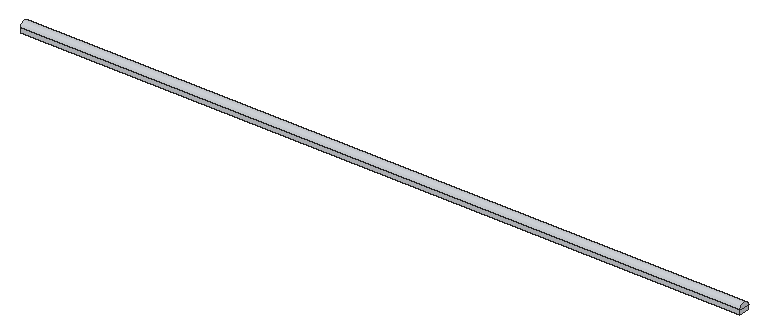
Revit family "SUBACUATICA_SLNSA.RGB", category Luminarias, Revit 2019
Family settings
  Cota de conector redondo = Diámetro de uso
  Tipo de pieza = Normal
  Se basa en plano de trabajo = Sí
  Siempre vertical = No
  Corte con vacíos al cargar = No
  Origen de luz = Sí
  Compartido = No
  Punto de cálculo de habitación = No
Parameters (values of type "SUBACUATICA_SLNSA.RGB")
  Zone [instance] = ""
  Watt per fixture [instance] = (Longitud / 1000 mm) * (5)  # 5
  Wattage = 5 W
  built-in parameter 1150107 = 2700 (stored number, unit not read)
  Light Source Symbol Size = 609.6 mm
  built-in parameter 1150110 = 1 (stored number, unit not read)
  built-in parameter 1150109 = 1 (stored number, unit not read)
  built-in parameter 1150112 = 1 (stored number, unit not read)
  built-in parameter 1150113 = 1 (stored number, unit not read)
  built-in parameter 1114218 = 1 (stored number, unit not read)
  built-in parameter 1150137 = (empty or 0)
  built-in parameter 1150132 = (empty or 0)
  Modelo Lampara = ""
  Modelo = "SLNSA.RGB"
  Marca = "BRILLANT"
  Lámpara = "3838 SMD"
  Longitud de línea de emisión = 600 mm
  Longitud [instance] = 1000 mm
  built-in parameter 1150105 = 151.2 (stored number, unit not read)
  built-in parameter 1150102 = (empty or 0)
  built-in parameter 1150106 = 1.512 (stored number, unit not read)
  Lumens = 475 lm
  Color Filter = 16777215
  built-in parameter 1114217 = 1 (stored number, unit not read)
  built-in parameter 1150139 = (empty or 0)
  Fabricante = "BRILLANT"
  Default Elevation = 0 mm
  built-in parameter 1150104 = 8.8258 (stored number, unit not read)
  Descripción = "TIRA LED SUBACUATICA HECHA DE SILICON CON UNA POTENCIA DE 5W/M, USO PARA EXTERIORES O ALBERCAS IP68, IRC 80, TEMPERATURA EN RGB, 144 LED´S/M, PRESENTACION DE 15M Y LOS CORTES DEBEN DE SER SOLICITADOS DESDE ORIGEN PARA GARANTIZAR EL SELLADO (DESDE 2.5CM), PROFUNDAID MAXIMA DE 2M, RESISTENTE A SOLUCIONES SALINAS, A CLORO, FUEGO Y RAYOS UV. ALIMENTADO A 24V, REQUIERE ACCESORIOS."
  built-in parameter 1150115 = 1 (stored number, unit not read)
  built-in parameter 1150114 = 1 (stored number, unit not read)
  Costo USD_SLNSA [instance] = (Longitud / 1000 mm) * (43)  # 43
  Comentarios de vataje = "24V"
  built-in parameter 1150138 = (empty or 0)
  built-in parameter 1150134 = (empty or 0)
  Circuit [instance] = ""
  Dimming Lamp Color Temperature Shift = (empty or 0)
  built-in parameter 1150133 = 10 (stored number, unit not read)
Reference planes
  plane 1 "Centro (Frontal/Posterior)": y = 0
  plane 2: z = 0
  plane 3 "Centro (Izquierda/Derecha)": x = 0
  plane 4 "IZQ": x = -1000
  plane 5: z = 12
Forms (mm)
  Extrusion 1, solid
    sketch origin (0, 0, 0) x (1, 0, 0) y (0, 1, 0)
      loop
        line (-1000, 7.5) -> (-1000, -7.5) -> (0, -7.5) -> (0, 7.5) -> (-1000, 7.5)
    from 0 to 6.038
  Extrusion 2, solid
    sketch origin (0, 0, 0) x (0, 1, 0) y (0, 0, 1)
      loop
        line (-7.5, 6.038) -> (7.5, 6.038)
        arc (7.5, 6.038) -> (0, 12) -> (-7.5, 6.038) r 7.698
    from -1000 to 0
Dimensions and locks
  plane 5 to imposter light = 12 mm
  "Longitud": plane 4 "IZQ" to plane 3 "Centro (Izquierda/Derecha)"
  aligned and locked: level to plane 2
  aligned and locked: plane 4 "IZQ" to Extrusion 1
  aligned and locked: Extrusion 2 to Extrusion 1  (x2)
  aligned and locked: plane 3 "Centro (Izquierda/Derecha)" to Extrusion 1
Automatic sketch dimensions
  Extrusion 1 sketch curve to plane 4 "IZQ" = 0 mm
  Extrusion 1 sketch curve to plane 3 "Centro (Izquierda/Derecha)" = 0 mm
  plane 1 "Centro (Frontal/Posterior)" to Extrusion 1 sketch curve = 7.5 mm
  Extrusion 1 sketch curve to plane 1 "Centro (Frontal/Posterior)" = 7.5 mm
  Extrusion 2 sketch curve to plane 1 "Centro (Frontal/Posterior)" = 0 mm
  plane 1 "Centro (Frontal/Posterior)" to Extrusion 2 sketch curve = 7.5 mm
  level to Extrusion 2 sketch curve = 4.302 mm
  Extrusion 2 sketch curve to plane 5 = 5.962 mm
Connectors
  electrical at (0, 0, 3.019)
    settings: on Extrusion 1, index 1, voltage 24 V, apparent load 0 VA, apparent load phase1 0 VA, apparent load phase2 0 VA, apparent load phase3 0 VA, power factor 1, load classification "Otro", number of poles 1, system type 31, power factor state 1, is connector primary yes, connector utility no, sub classification motor no, connector description ""
